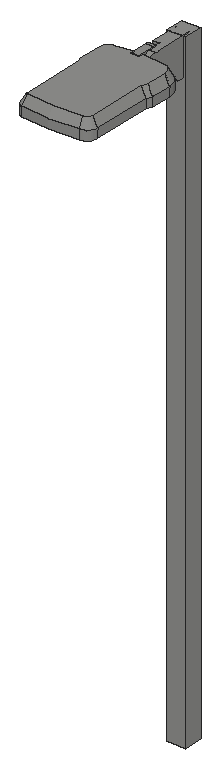
Revit family "VP-2-AAU", category Lighting Fixtures, host Face, Revit 2019
Family settings
  Host = Face
  Round Connector Dimension = Use Diameter
  Part Type = Normal
  OmniClass Number = 23.80.70.11.14.17
  OmniClass Title = Direct/Indirect
  Cut with Voids When Loaded = No
  Light Source = No
  Shared = Yes
  Room Calculation Point = No
Parameters (values of type "VP-2-AAU")
  Wattage Comments = "168 W"
  Warranty = "Five year warranty"  # constant formula
  Voltage = 120 V
  URL = "https://www.currentlighting.com/beacon"
  Type Comments = "Lighting Fixture"  # constant formula
  Product Page URL = "https://www.currentlighting.com/outdoor-lighting/viper-area-size-2/9606404"
  Product Documentation Link = "https://cdn.currentlighting.com/site/specsheet/BEA_VIPERSPEC.pdf"
  Power Factor = 0.9
  Pole Height [instance] = 120.00"
  Name = "Viper Area Size 2"  # constant formula
  Model = "VP-2-AAU"
  Matt Grey = MATT GREY
  Matt Black = Matt Black
  Manufacturer = "Current Lighting"  # constant formula
  Load Classification = Lighting
  Light Output = 12704.00 cd/m²
  Lamp = "LED"  # constant formula
  Grey = Grey
  Glass = Glass
  Pole Size [instance] = 3.50"
  Features = "Featuring two different optical technologies, Micro Strike and Strike Optics, which provide the best distribution patterns for retrofit or new construction\r\nVibration rated for high vibration applications including bridges and overpasses\r\nControl options including photo control, occupancy sensing, NX Lighting Controls, wiSCAPE and 7-Pin with networked controls\r\nMounting options include: Arm, Universal Arm, Adjustable Arm, Mast Arm, Decorative Arm, Knuckle, Trunnion, Wall\r\nDistribution options include: Auto Front Row, Type 2, Type 3, Type 4 Forward, Type 4 Wide, Type 5 Narrow, Type 5 Medium, Type 5 Wide, Type 5 Rectangular, Corner Optic, and Tennis Court\r\n\r\n"  # constant formula
  Copyright = "© 2022 Current Lighting"  # constant formula
  Cool Grey = Cool Grey
  Contact Us = "https://www.currentlighting.com/contact-us"
  Certification = "UL"  # constant formula
  Description = "The Viper is an extremely versatile area/site luminaire which blends design, performance, and technology for a variety of applications."  # constant formula
  Default Elevation = 48.00"
  Finish = Arctic White
  Matt White = Matt White
  CRI = "70"  # constant formula
  Brand = "Beacon"  # constant formula
  Assembly Code = "D5020200"
  Apparent Load = 168 VA
Reference planes (in)
  plane 1 "Center (Front/Back)": y = 6.16697
  plane 2: z = 0
  plane 3 "Center (Left/Right)": x = 0
  plane 4: z = 3.75
  plane 5: z = -4.44
  plane 6: x = -1.75
  plane 7: x = 1.75
  plane 8: y = 4.41697
  plane 9: y = 7.91697
  plane 10: z = 120
Forms (in)
  Extrusion 1, solid, material "Cool Grey" <- "Cool Grey"
    sketch origin (0, 0, 0) x (1, 0, 0) y (0, 1, 0)
      loop
        line (-1.75, 7.91697) -> (-1.75, 4.41697) -> (1.75, 4.41697) -> (1.75, 7.91697) -> (-1.75, 7.91697)
    from 0 to 120
Lines and regions (in)
  reference lines
    curve 1: line (0, 14.42606, -3.25) -> (0, 17.42606, -0.25)
    curve 2: line (0, -2.09213, -3.25) -> (0, 14.42606, -3.25)
    curve 3: line (0, -5.09213, -0.25) -> (0, -2.09213, -3.25)
    curve 4: line (0, 14.42606, -3.25) -> (0, 17.42606, -0.25)
    curve 5: line (0, -5.09213, -0.25) -> (0, 17.42606, -0.25)
    curve 6: line (0, 17.17606, -0.77432) -> (0, 17.92606, -0.77432)
    curve 7: line (0, 17.17606, -1.52432) -> (0, 17.17606, -0.77432)
    curve 8: line (0, 16.69614, -1.52432) -> (0, 17.17606, -1.52432)
    curve 9: line (0, 14.92606, -4.25) -> (0, 16.69614, -1.52432)
    curve 10: line (0, -4.3622, -1.52432) -> (0, -2.59213, -4.25)
    curve 11: line (0, -4.84213, -1.52432) -> (0, -4.3622, -1.52432)
    curve 12: line (0, -4.84213, -0.77432) -> (0, -4.84213, -1.52432)
    curve 13: line (0, -5.59213, -0.77432) -> (0, -4.84213, -0.77432)
Dimensions and locks (in)
  plane 4 to plane 2 = 3.75"
  "Pole Size": plane 8 to plane 9
  equal spacing: plane 8, plane 1 "Center (Front/Back)", plane 9
  equal spacing: plane 6, plane 3 "Center (Left/Right)", plane 7
  "Pole Size": plane 6 to plane 7
  "Pole Height": plane 10 to plane 2
  aligned and locked: plane 2 to host face
  aligned and locked: level to host face
  aligned and locked: plane 10 to Extrusion 1
  aligned and locked: plane 3 "Center (Left/Right)" to nested 1
  aligned and locked: plane 9 to Extrusion 1 sketch curve
  aligned and locked: plane 6 to Extrusion 1 sketch curve
  aligned and locked: Extrusion 1 sketch curve to plane 8
  aligned and locked: Extrusion 1 sketch curve to plane 7
  aligned and locked: nested 1 to plane 10
Automatic sketch dimensions
  host sketch curve to host sketch curve = 96.00"
  host sketch curve to host sketch curve = 85.00"
  curve 3 to level = 0.25"
  plane 8 to curve 3 = 9.50909"
  curve 3 to curve 12 = 0.25"
  curve 11 to curve 11 = 0.47992"
  curve 2 to plane 5 = 1.19"
  curve 10 to curve 2 = 2.27008"
  curve 1 to plane 9 = 6.50909"
  curve 9 to level = 1.52432"
  curve 1 to curve 9 = 2.27008"
  curve 8 to curve 8 = 0.47992"
  curve 6 to curve 4 = 0.25"
  curve 10 to curve 3 = 1.27432"
  curve 7 to curve 1 = 0.52432"
  curve 12 to curve 3 = 0.52432"
  curve 13 to curve 3 = 0.50"
  curve 10 to plane 5 = 0.19"
  curve 10 to curve 2 = 0.50"
  curve 9 to plane 5 = 0.19"
  curve 1 to curve 9 = 0.50"
  curve 1 to curve 6 = 0.50"
Nested families (in)
  nested 1: "SIZE2-AAU" at (0, 4.41697, 118.26) x (1, 0, 0) z (0, -1, 0), type "SIZE2-AAU"
Connectors (in)
  electrical at (0, 6.16697, 0), driven by "Power Factor", driven by "Apparent Load", driven by "Voltage"
    settings: on Extrusion 1, index 1, voltage 120 V, apparent load 168 VA, apparent load phase1 0 VA, apparent load phase2 0 VA, apparent load phase3 0 VA, power factor 0.9, load classification "Other", number of poles 1, system type 30, power factor state 1, is connector primary yes, connector utility no, sub classification motor no, connector description "Light Fixture"
Definition of nested family "SIZE2-AAU"
  Parameters (values of type "SIZE2-AAU")
    Width = 14.38"
    Wattage = 168 W
    built-in parameter 1150110 = 1 (stored number, unit not read)
    built-in parameter 1114217 = 1 (stored number, unit not read)
    Tilt Angle = 160.00°
    built-in parameter 1150109 = 1 (stored number, unit not read)
    built-in parameter 1150134 = 3
    built-in parameter 1150113 = 1 (stored number, unit not read)
    Photometric Web File = "VP-2-320L-170-3K7-4-BC.ies"
    Mount Length = 7.50"
    built-in parameter 1150105 = 1016 (stored number, unit not read)
    Lumens = 12768 lm
    built-in parameter 1150115 = 1 (stored number, unit not read)
    built-in parameter 1150137 = (empty or 0)
    built-in parameter 1150139 = (empty or 0)
    Length = 21.88"
    built-in parameter 1150112 = 1 (stored number, unit not read)
    built-in parameter 1150114 = 1 (stored number, unit not read)
    built-in parameter 1150132 = (empty or 0)
    built-in parameter 1150102 = (empty or 0)
    built-in parameter 1150107 = 3200 (stored number, unit not read)
    built-in parameter 1150138 = (empty or 0)
    built-in parameter 1150106 = 10.16 (stored number, unit not read)
    Glass = none
    Fixture = none
    built-in parameter 1150104 = 7.0606 (stored number, unit not read)
    Dimming Lamp Color Temperature Shift = (empty or 0)
    Default Elevation = 48.00"
    Color Filter = 16777215
    built-in parameter 1114218 = 1 (stored number, unit not read)
    built-in parameter 1150133 = 10 (stored number, unit not read)
  Reference planes (in)
    plane 1 "Center (Front/Back)": y = 0
    plane 2: z = 0
    plane 3 "Center (Left/Right)": x = 0
    plane 4: x = 7.19
    plane 5: x = -7.19
    plane 6: z = 7.5
    plane 7: z = 29.38
    plane 8: y = -1.74
    plane 9: y = 1.74
  Forms (in)
    Extrusion 1, solid
      sketch origin (0, 0, 0) x (1, 0, 0) y (0, 1, 0)
        loop
          line (-48, 48) -> (-48, -48) -> (48, -48) -> (48, 48) -> (-48, 48)
      from 0 to -12
    Extrusion 2, solid, material <- "Fixture"
      sketch origin (0, 0, 2.5) x (1, 0, 0) y (0, 0, 1)
        loop
          line (-6.90972, 13.22202) -> (-7.315, 12.17799) -> (-7.315, 8.14521)
          arc (-7.315, 8.14521) -> (-6.65907, 6.18733) -> (-4.95604, 5.01974) r 3.25
          arc (-4.95604, 5.01974) -> (0, 4.60164) -> (4.95604, 5.01974) r 29.58274
          arc (4.95604, 5.01974) -> (6.65907, 6.18733) -> (7.315, 8.14521) r 3.25
          line (7.315, 8.14521) -> (7.315, 12.17799) -> (6.8775, 13.30502) -> (6.8775, 24.46879)
          arc (6.8775, 24.46879) -> (6.31653, 25.85775) -> (4.9483, 26.46754) r 2
          arc (4.9483, 26.46754) -> (-0.47287, 26.80918) -> (-5.88692, 26.36884) r 37.73107
          arc (-5.88692, 26.36884) -> (-6.62058, 25.93919) -> (-6.90972, 25.13966) r 1.25
          line (-6.90972, 25.13966) -> (-6.90972, 13.22202)
      from 0 to 1.74
    Extrusion 3, void
      sketch origin (0, 0, 3.625) x (1, 0, 0) y (0, 0, 1)
        loop
          line (-5.94707, 9.88637) -> (-5.94707, 8.88637)
          arc (-5.94707, 8.88637) -> (-0.00354, 7.88584) -> (5.94, 8.88637) r 18.15382
          line (5.94, 8.88637) -> (5.94, 9.88637)
          arc (5.94, 9.88637) -> (-0.00354, 8.88584) -> (-5.94707, 9.88637) r 18.15382
        loop
          line (-5.85535, 7.87828) -> (-5.85535, 7.60486)
          arc (-5.85535, 7.60486) -> (0.0002, 6.63584) -> (5.85535, 7.60727) r 18.15382
          line (5.85535, 7.60727) -> (5.85535, 7.88068)
          arc (5.85535, 7.88068) -> (0.0002, 6.91466) -> (-5.85535, 7.87828) r 18.25
        loop
          line (-5.85535, 7.12828) -> (-5.85535, 6.85486)
          arc (-5.85535, 6.85486) -> (0.0002, 5.88584) -> (5.85535, 6.85727) r 18.15382
          line (5.85535, 6.85727) -> (5.85535, 7.13068)
          arc (5.85535, 7.13068) -> (0.0002, 6.16466) -> (-5.85535, 7.12828) r 18.25
      from 1 to 1.75
    Blend 4, solid, material <- "Fixture"
      base sketch origin (0, 0, 2.5) x (1, 0, 0) y (0, 0, 1)
        loop
          arc (6.8775, 24.46879) -> (6.31653, 25.85775) -> (4.9483, 26.46754) r 2
          arc (4.9483, 26.46754) -> (-0.47287, 26.80918) -> (-5.88692, 26.36884) r 37.73107
          arc (-5.88692, 26.36884) -> (-6.62058, 25.93919) -> (-6.90972, 25.13966) r 1.25
          line (-6.90972, 25.13966) -> (-6.90972, 13.22202) -> (-7.315, 12.17799) -> (-7.315, 8.14521)
          arc (-7.315, 8.14521) -> (-6.65907, 6.18733) -> (-4.95604, 5.01974) r 3.25
          arc (-4.95604, 5.01974) -> (0, 4.60164) -> (4.95604, 5.01974) r 29.58274
          arc (4.95604, 5.01974) -> (6.65907, 6.18733) -> (7.315, 8.14521) r 3.25
          line (7.315, 8.14521) -> (7.315, 12.17799) -> (6.8775, 13.30502) -> (6.8775, 24.46879)
      top sketch origin (0, 0, 2.5) x (1, 0, 0) y (0, 0, 1)
        loop
          arc (5.8775, 24.46879) -> (5.58249, 25.17801) -> (4.87152, 25.46878) r 1
          arc (4.87152, 25.46878) -> (-0.42416, 25.80959) -> (-5.71369, 25.38377) r 36.73111
          arc (-5.71369, 25.38377) -> (-5.85465, 25.2962) -> (-5.90972, 25.13966) r 0.25
          line (-5.90972, 25.13966) -> (-5.90972, 13.03474) -> (-6.315, 11.99071) -> (-6.315, 8.14521)
          arc (-6.315, 8.14521) -> (-5.87115, 6.80345) -> (-4.71471, 5.99106) r 2.25
          arc (-4.71471, 5.99106) -> (0, 5.59956) -> (4.71471, 5.99106) r 28.58482
          arc (4.71471, 5.99106) -> (5.87115, 6.80345) -> (6.315, 8.14521) r 2.25
          line (6.315, 8.14521) -> (6.315, 11.99071) -> (5.8775, 13.11774) -> (5.8775, 24.46879)
      from 0 to -1.74
    Extrusion 5, void
      sketch origin (0, 0, 2.5) x (1, 0, 0) y (0, 0, 1)
        loop
          arc (-5.91108, 12.63948) -> (0.07704, 12.98149) -> (6.065, 12.63674) r 52.38328
          line (6.065, 12.63674) -> (6.065, 24.56182) -> (-5.91108, 24.56182) -> (-5.91108, 12.63948)
      from 1 to 1.75
    Extrusion 6, solid, material <- "Glass"
      sketch origin (0, 0, 2.25) x (1, 0, 0) y (0, 0, 1)
        loop
          arc (-5.06487, 24.56182) -> (-5.31236, 24.45931) -> (-5.41487, 24.21182) r 0.35
          line (-5.41487, 24.21182) -> (-5.41487, 19.16182)
          arc (-5.41487, 19.16182) -> (-5.31236, 18.91434) -> (-5.06487, 18.81182) r 0.35
          line (-5.06487, 18.81182) -> (5.11803, 18.81182)
          arc (5.11803, 18.81182) -> (5.36552, 18.91434) -> (5.46803, 19.16182) r 0.35
          line (5.46803, 19.16182) -> (5.46803, 24.21182)
          arc (5.46803, 24.21182) -> (5.36552, 24.45931) -> (5.11803, 24.56182) r 0.35
          line (5.11803, 24.56182) -> (-5.06487, 24.56182)
      from 1 to 1.35
    Extrusion 7, solid, material <- "Glass"
      sketch origin (0, 0, 2.25) x (1, 0, 0) y (0, 0, 1)
        loop
          circle (-4.85829, 23.73694) r 0.15
        loop
          circle (-4.33955, 23.73694) r 0.15
        loop
          circle (-3.8208, 23.73694) r 0.15
        loop
          circle (-3.30205, 23.73694) r 0.15
        loop
          circle (-2.7833, 23.73694) r 0.15
        loop
          circle (-2.26455, 23.73694) r 0.15
        loop
          circle (-1.7458, 23.73694) r 0.15
        loop
          circle (-1.22705, 23.73694) r 0.15
        loop
          circle (-0.70831, 23.73694) r 0.15
        loop
          circle (-4.85829, 23.23694) r 0.15
        loop
          circle (-4.33955, 23.23694) r 0.15
        loop
          circle (-3.8208, 23.23694) r 0.15
        loop
          circle (-3.30205, 23.23694) r 0.15
        loop
          circle (-2.7833, 23.23694) r 0.15
        loop
          circle (-2.26455, 23.23694) r 0.15
        loop
          circle (-1.7458, 23.23694) r 0.15
        loop
          circle (-1.22705, 23.23694) r 0.15
        loop
          circle (-0.70831, 23.23694) r 0.15
        loop
          circle (-4.85829, 22.73694) r 0.15
        loop
          circle (-4.33955, 22.73694) r 0.15
        loop
          circle (-3.8208, 22.73694) r 0.15
        loop
          circle (-3.30205, 22.73694) r 0.15
        loop
          circle (-2.7833, 22.73694) r 0.15
        loop
          circle (-2.26455, 22.73694) r 0.15
        loop
          circle (-1.7458, 22.73694) r 0.15
        loop
          circle (-1.22705, 22.73694) r 0.15
        loop
          circle (-0.70831, 22.73694) r 0.15
        loop
          circle (-4.85829, 22.23694) r 0.15
        loop
          circle (-4.33955, 22.23694) r 0.15
        loop
          circle (-3.8208, 22.23694) r 0.15
        loop
          circle (-3.30205, 22.23694) r 0.15
        loop
          circle (-2.7833, 22.23694) r 0.15
        loop
          circle (-2.26455, 22.23694) r 0.15
        loop
          circle (-1.7458, 22.23694) r 0.15
        loop
          circle (-1.22705, 22.23694) r 0.15
        loop
          circle (-0.70831, 22.23694) r 0.15
        loop
          circle (-4.85829, 21.73694) r 0.15
        loop
          circle (-4.33955, 21.73694) r 0.15
        loop
          circle (-3.8208, 21.73694) r 0.15
        loop
          circle (-3.30205, 21.73694) r 0.15
        loop
          circle (-2.7833, 21.73694) r 0.15
        loop
          circle (-2.26455, 21.73694) r 0.15
        loop
          circle (-1.7458, 21.73694) r 0.15
        loop
          circle (-1.22705, 21.73694) r 0.15
        loop
          circle (-0.70831, 21.73694) r 0.15
        loop
          circle (-4.85829, 21.23694) r 0.15
        loop
          circle (-4.33955, 21.23694) r 0.15
        loop
          circle (-3.8208, 21.23694) r 0.15
        loop
          circle (-3.30205, 21.23694) r 0.15
        loop
          circle (-2.7833, 21.23694) r 0.15
        loop
          circle (-2.26455, 21.23694) r 0.15
        loop
          circle (-1.7458, 21.23694) r 0.15
        loop
          circle (-1.22705, 21.23694) r 0.15
        loop
          circle (-0.70831, 21.23694) r 0.15
        loop
          circle (-4.85829, 20.73694) r 0.15
        loop
          circle (-4.33955, 20.73694) r 0.15
        loop
          circle (-3.8208, 20.73694) r 0.15
        loop
          circle (-3.30205, 20.73694) r 0.15
        loop
          circle (-2.7833, 20.73694) r 0.15
        loop
          circle (-2.26455, 20.73694) r 0.15
        loop
          circle (-1.7458, 20.73694) r 0.15
        loop
          circle (-1.22705, 20.73694) r 0.15
        loop
          circle (-0.70831, 20.73694) r 0.15
        loop
          circle (-4.85829, 20.23694) r 0.15
        loop
          circle (-4.33955, 20.23694) r 0.15
        loop
          circle (-3.8208, 20.23694) r 0.15
        loop
          circle (-3.30205, 20.23694) r 0.15
        loop
          circle (-2.7833, 20.23694) r 0.15
        loop
          circle (-2.26455, 20.23694) r 0.15
        loop
          circle (-1.7458, 20.23694) r 0.15
        loop
          circle (-1.22705, 20.23694) r 0.15
        loop
          circle (-0.70831, 20.23694) r 0.15
        loop
          circle (-4.85829, 19.73694) r 0.15
        loop
          circle (-4.33955, 19.73694) r 0.15
        loop
          circle (-3.8208, 19.73694) r 0.15
        loop
          circle (-3.30205, 19.73694) r 0.15
        loop
          circle (-2.7833, 19.73694) r 0.15
        loop
          circle (-2.26455, 19.73694) r 0.15
        loop
          circle (-1.7458, 19.73694) r 0.15
        loop
          circle (-1.22705, 19.73694) r 0.15
        loop
          circle (-0.70831, 19.73694) r 0.15
      from 1.35 to 1.4
    Extrusion 8, solid, material <- "Glass"
      sketch origin (0, 0, 2.25) x (-1, 0, 0) y (0, 0, -1)
        loop
          circle (-4.85829, -23.73694) r 0.15
        loop
          circle (-4.33955, -23.73694) r 0.15
        loop
          circle (-3.8208, -23.73694) r 0.15
        loop
          circle (-3.30205, -23.73694) r 0.15
        loop
          circle (-2.7833, -23.73694) r 0.15
        loop
          circle (-2.26455, -23.73694) r 0.15
        loop
          circle (-1.7458, -23.73694) r 0.15
        loop
          circle (-1.22705, -23.73694) r 0.15
        loop
          circle (-0.70831, -23.73694) r 0.15
        loop
          circle (-4.85829, -23.23694) r 0.15
        loop
          circle (-4.33955, -23.23694) r 0.15
        loop
          circle (-3.8208, -23.23694) r 0.15
        loop
          circle (-3.30205, -23.23694) r 0.15
        loop
          circle (-2.7833, -23.23694) r 0.15
        loop
          circle (-2.26455, -23.23694) r 0.15
        loop
          circle (-1.7458, -23.23694) r 0.15
        loop
          circle (-1.22705, -23.23694) r 0.15
        loop
          circle (-0.70831, -23.23694) r 0.15
        loop
          circle (-4.85829, -22.73694) r 0.15
        loop
          circle (-4.33955, -22.73694) r 0.15
        loop
          circle (-3.8208, -22.73694) r 0.15
        loop
          circle (-3.30205, -22.73694) r 0.15
        loop
          circle (-2.7833, -22.73694) r 0.15
        loop
          circle (-2.26455, -22.73694) r 0.15
        loop
          circle (-1.7458, -22.73694) r 0.15
        loop
          circle (-1.22705, -22.73694) r 0.15
        loop
          circle (-0.70831, -22.73694) r 0.15
        loop
          circle (-4.85829, -22.23694) r 0.15
        loop
          circle (-4.33955, -22.23694) r 0.15
        loop
          circle (-3.8208, -22.23694) r 0.15
        loop
          circle (-3.30205, -22.23694) r 0.15
        loop
          circle (-2.7833, -22.23694) r 0.15
        loop
          circle (-2.26455, -22.23694) r 0.15
        loop
          circle (-1.7458, -22.23694) r 0.15
        loop
          circle (-1.22705, -22.23694) r 0.15
        loop
          circle (-0.70831, -22.23694) r 0.15
        loop
          circle (-4.85829, -21.73694) r 0.15
        loop
          circle (-4.33955, -21.73694) r 0.15
        loop
          circle (-3.8208, -21.73694) r 0.15
        loop
          circle (-3.30205, -21.73694) r 0.15
        loop
          circle (-2.7833, -21.73694) r 0.15
        loop
          circle (-2.26455, -21.73694) r 0.15
        loop
          circle (-1.7458, -21.73694) r 0.15
        loop
          circle (-1.22705, -21.73694) r 0.15
        loop
          circle (-0.70831, -21.73694) r 0.15
        loop
          circle (-4.85829, -21.23694) r 0.15
        loop
          circle (-4.33955, -21.23694) r 0.15
        loop
          circle (-3.8208, -21.23694) r 0.15
        loop
          circle (-3.30205, -21.23694) r 0.15
        loop
          circle (-2.7833, -21.23694) r 0.15
        loop
          circle (-2.26455, -21.23694) r 0.15
        loop
          circle (-1.7458, -21.23694) r 0.15
        loop
          circle (-1.22705, -21.23694) r 0.15
        loop
          circle (-0.70831, -21.23694) r 0.15
        loop
          circle (-4.85829, -20.73694) r 0.15
        loop
          circle (-4.33955, -20.73694) r 0.15
        loop
          circle (-3.8208, -20.73694) r 0.15
        loop
          circle (-3.30205, -20.73694) r 0.15
        loop
          circle (-2.7833, -20.73694) r 0.15
        loop
          circle (-2.26455, -20.73694) r 0.15
        loop
          circle (-1.7458, -20.73694) r 0.15
        loop
          circle (-1.22705, -20.73694) r 0.15
        loop
          circle (-0.70831, -20.73694) r 0.15
        loop
          circle (-4.85829, -20.23694) r 0.15
        loop
          circle (-4.33955, -20.23694) r 0.15
        loop
          circle (-3.8208, -20.23694) r 0.15
        loop
          circle (-3.30205, -20.23694) r 0.15
        loop
          circle (-2.7833, -20.23694) r 0.15
        loop
          circle (-2.26455, -20.23694) r 0.15
        loop
          circle (-1.7458, -20.23694) r 0.15
        loop
          circle (-1.22705, -20.23694) r 0.15
        loop
          circle (-0.70831, -20.23694) r 0.15
        loop
          circle (-4.85829, -19.73694) r 0.15
        loop
          circle (-4.33955, -19.73694) r 0.15
        loop
          circle (-3.8208, -19.73694) r 0.15
        loop
          circle (-3.30205, -19.73694) r 0.15
        loop
          circle (-2.7833, -19.73694) r 0.15
        loop
          circle (-2.26455, -19.73694) r 0.15
        loop
          circle (-1.7458, -19.73694) r 0.15
        loop
          circle (-1.22705, -19.73694) r 0.15
        loop
          circle (-0.70831, -19.73694) r 0.15
      from 1.35 to 1.4
    Extrusion 9, solid, material <- "Glass"
      sketch origin (0, 0, 2.25) x (1, 0, 0) y (0, 0, 1)
        loop
          arc (-5.04655, 24.2409) -> (-5.22333, 24.16768) -> (-5.29655, 23.9909) r 0.25
          line (-5.29655, 23.9909) -> (-5.29655, 19.4909)
          arc (-5.29655, 19.4909) -> (-5.22333, 19.31412) -> (-5.04655, 19.2409) r 0.25
          line (-5.04655, 19.2409) -> (-0.54655, 19.2409)
          arc (-0.54655, 19.2409) -> (-0.36977, 19.31412) -> (-0.29655, 19.4909) r 0.25
          line (-0.29655, 19.4909) -> (-0.29655, 23.9909)
          arc (-0.29655, 23.9909) -> (-0.36977, 24.16768) -> (-0.54655, 24.2409) r 0.25
          line (-0.54655, 24.2409) -> (-5.04655, 24.2409)
      from 1.35 to 1.37213
    Extrusion 10, solid, material <- "Glass"
      sketch origin (0, 0, 2.25) x (-1, 0, 0) y (0, 0, -1)
        loop
          line (-5.04655, -24.2409) -> (-0.54655, -24.2409)
          arc (-0.54655, -24.2409) -> (-0.36977, -24.16768) -> (-0.29655, -23.9909) r 0.25
          line (-0.29655, -23.9909) -> (-0.29655, -19.4909)
          arc (-0.29655, -19.4909) -> (-0.36977, -19.31412) -> (-0.54655, -19.2409) r 0.25
          line (-0.54655, -19.2409) -> (-5.04655, -19.2409)
          arc (-5.04655, -19.2409) -> (-5.22333, -19.31412) -> (-5.29655, -19.4909) r 0.25
          line (-5.29655, -19.4909) -> (-5.29655, -23.9909)
          arc (-5.29655, -23.9909) -> (-5.22333, -24.16768) -> (-5.04655, -24.2409) r 0.25
      from 1.35 to 1.37213
    Extrusion 11, solid, material <- "Fixture"
      sketch origin (0.125, 0, 2.125) x (1, 0, 0) y (0, 1, 0)
        loop
          line (5.34818, -1) -> (5.34818, -1.20146)
          arc (5.34818, -1.20146) -> (5.35492, -1.23973) -> (5.37436, -1.27339) r 0.1119
          line (5.37436, -1.27339) -> (5.73492, -1.70309)
          arc (5.73492, -1.70309) -> (5.76289, -1.72455) -> (5.79732, -1.73219) r 0.08147
          line (5.79732, -1.73219) -> (5.94, -1.73219) -> (5.94, -1) -> (5.34818, -1)
      from 18.55 to 18.65
    Extrusion 12, solid, material <- "Fixture"
      sketch origin (0.125, 0, 1.22261) x (1, 0, 0) y (0, 1, 0)
        loop
          line (5.34818, -1) -> (5.34818, -1.20146)
          arc (5.34818, -1.20146) -> (5.35492, -1.23973) -> (5.37436, -1.27339) r 0.1119
          line (5.37436, -1.27339) -> (5.73492, -1.70309)
          arc (5.73492, -1.70309) -> (5.76289, -1.72455) -> (5.79732, -1.73219) r 0.08147
          line (5.79732, -1.73219) -> (5.94, -1.73219) -> (5.94, -1) -> (5.34818, -1)
      from 18.55 to 18.65
    Extrusion 13, solid, material <- "Fixture"
      sketch origin (0.125, 0, 0.33079) x (1, 0, 0) y (0, 1, 0)
        loop
          line (5.34818, -1) -> (5.34818, -1.20146)
          arc (5.34818, -1.20146) -> (5.35492, -1.23973) -> (5.37436, -1.27339) r 0.1119
          line (5.37436, -1.27339) -> (5.73492, -1.70309)
          arc (5.73492, -1.70309) -> (5.76289, -1.72455) -> (5.79732, -1.73219) r 0.08147
          line (5.79732, -1.73219) -> (5.94, -1.73219) -> (5.94, -1) -> (5.34818, -1)
      from 18.55 to 18.65
    Extrusion 14, solid, material <- "Fixture"
      sketch origin (0.125, 0, -0.56103) x (1, 0, 0) y (0, 1, 0)
        loop
          line (5.34818, -1) -> (5.34818, -1.20146)
          arc (5.34818, -1.20146) -> (5.35492, -1.23973) -> (5.37436, -1.27339) r 0.1119
          line (5.37436, -1.27339) -> (5.73492, -1.70309)
          arc (5.73492, -1.70309) -> (5.76289, -1.72455) -> (5.79732, -1.73219) r 0.08147
          line (5.79732, -1.73219) -> (5.94, -1.73219) -> (5.94, -1) -> (5.34818, -1)
      from 18.55 to 18.65
    Extrusion 15, solid, material <- "Fixture"
      sketch origin (0.125, 0, -1.45181) x (1, 0, 0) y (0, 1, 0)
        loop
          line (5.34818, -1) -> (5.34818, -1.20146)
          arc (5.34818, -1.20146) -> (5.35492, -1.23973) -> (5.37436, -1.27339) r 0.1119
          line (5.37436, -1.27339) -> (5.73492, -1.70309)
          arc (5.73492, -1.70309) -> (5.76289, -1.72455) -> (5.79732, -1.73219) r 0.08147
          line (5.79732, -1.73219) -> (5.94, -1.73219) -> (5.94, -1) -> (5.34818, -1)
      from 18.55 to 18.65
    Extrusion 16, solid, material <- "Fixture"
      sketch origin (-0.125, 0, 2.125) x (-1, 0, 0) y (0, -1, 0)
        loop
          line (5.34818, 1) -> (5.94, 1) -> (5.94, 1.73219) -> (5.79732, 1.73219)
          arc (5.79732, 1.73219) -> (5.76289, 1.72455) -> (5.73492, 1.70309) r 0.08147
          line (5.73492, 1.70309) -> (5.37436, 1.27339)
          arc (5.37436, 1.27339) -> (5.35492, 1.23973) -> (5.34818, 1.20146) r 0.1119
          line (5.34818, 1.20146) -> (5.34818, 1)
      from 18.55 to 18.65
    Extrusion 17, solid, material <- "Fixture"
      sketch origin (-0.125, 0, 1.22261) x (-1, 0, 0) y (0, -1, 0)
        loop
          line (5.34818, 1) -> (5.94, 1) -> (5.94, 1.73219) -> (5.79732, 1.73219)
          arc (5.79732, 1.73219) -> (5.76289, 1.72455) -> (5.73492, 1.70309) r 0.08147
          line (5.73492, 1.70309) -> (5.37436, 1.27339)
          arc (5.37436, 1.27339) -> (5.35492, 1.23973) -> (5.34818, 1.20146) r 0.1119
          line (5.34818, 1.20146) -> (5.34818, 1)
      from 18.55 to 18.65
    Extrusion 18, solid, material <- "Fixture"
      sketch origin (-0.125, 0, 0.33079) x (-1, 0, 0) y (0, -1, 0)
        loop
          line (5.34818, 1) -> (5.94, 1) -> (5.94, 1.73219) -> (5.79732, 1.73219)
          arc (5.79732, 1.73219) -> (5.76289, 1.72455) -> (5.73492, 1.70309) r 0.08147
          line (5.73492, 1.70309) -> (5.37436, 1.27339)
          arc (5.37436, 1.27339) -> (5.35492, 1.23973) -> (5.34818, 1.20146) r 0.1119
          line (5.34818, 1.20146) -> (5.34818, 1)
      from 18.55 to 18.65
    Extrusion 19, solid, material <- "Fixture"
      sketch origin (-0.125, 0, -0.56103) x (-1, 0, 0) y (0, -1, 0)
        loop
          line (5.34818, 1) -> (5.94, 1) -> (5.94, 1.73219) -> (5.79732, 1.73219)
          arc (5.79732, 1.73219) -> (5.76289, 1.72455) -> (5.73492, 1.70309) r 0.08147
          line (5.73492, 1.70309) -> (5.37436, 1.27339)
          arc (5.37436, 1.27339) -> (5.35492, 1.23973) -> (5.34818, 1.20146) r 0.1119
          line (5.34818, 1.20146) -> (5.34818, 1)
      from 18.55 to 18.65
    Extrusion 20, solid, material <- "Fixture"
      sketch origin (-0.125, 0, -1.45181) x (-1, 0, 0) y (0, -1, 0)
        loop
          line (5.34818, 1) -> (5.94, 1) -> (5.94, 1.73219) -> (5.79732, 1.73219)
          arc (5.79732, 1.73219) -> (5.76289, 1.72455) -> (5.73492, 1.70309) r 0.08147
          line (5.73492, 1.70309) -> (5.37436, 1.27339)
          arc (5.37436, 1.27339) -> (5.35492, 1.23973) -> (5.34818, 1.20146) r 0.1119
          line (5.34818, 1.20146) -> (5.34818, 1)
      from 18.55 to 18.65
    Extrusion 21, solid, material <- "Fixture"
      sketch origin (0.125, 0, 7.25) x (1, 0, 0) y (0, 1, 0)
        loop
          line (5.34818, -1) -> (5.34818, -1.20146)
          arc (5.34818, -1.20146) -> (5.35492, -1.23973) -> (5.37436, -1.27339) r 0.1119
          line (5.37436, -1.27339) -> (5.73492, -1.70309)
          arc (5.73492, -1.70309) -> (5.76289, -1.72455) -> (5.79732, -1.73219) r 0.08147
          line (5.79732, -1.73219) -> (5.94, -1.73219) -> (5.94, -1) -> (5.34818, -1)
      from 18.55 to 18.65
    Extrusion 22, solid, material <- "Fixture"
      sketch origin (0.125, 0, 6.34761) x (1, 0, 0) y (0, 1, 0)
        loop
          line (5.34818, -1) -> (5.34818, -1.20146)
          arc (5.34818, -1.20146) -> (5.35492, -1.23973) -> (5.37436, -1.27339) r 0.1119
          line (5.37436, -1.27339) -> (5.73492, -1.70309)
          arc (5.73492, -1.70309) -> (5.76289, -1.72455) -> (5.79732, -1.73219) r 0.08147
          line (5.79732, -1.73219) -> (5.94, -1.73219) -> (5.94, -1) -> (5.34818, -1)
      from 18.55 to 18.65
    Extrusion 23, solid, material <- "Fixture"
      sketch origin (0.125, 0, 5.45579) x (1, 0, 0) y (0, 1, 0)
        loop
          line (5.34818, -1) -> (5.34818, -1.20146)
          arc (5.34818, -1.20146) -> (5.35492, -1.23973) -> (5.37436, -1.27339) r 0.1119
          line (5.37436, -1.27339) -> (5.73492, -1.70309)
          arc (5.73492, -1.70309) -> (5.76289, -1.72455) -> (5.79732, -1.73219) r 0.08147
          line (5.79732, -1.73219) -> (5.94, -1.73219) -> (5.94, -1) -> (5.34818, -1)
      from 18.55 to 18.65
    Extrusion 24, solid, material <- "Fixture"
      sketch origin (0.125, 0, 4.56397) x (1, 0, 0) y (0, 1, 0)
        loop
          line (5.34818, -1) -> (5.34818, -1.20146)
          arc (5.34818, -1.20146) -> (5.35492, -1.23973) -> (5.37436, -1.27339) r 0.1119
          line (5.37436, -1.27339) -> (5.73492, -1.70309)
          arc (5.73492, -1.70309) -> (5.76289, -1.72455) -> (5.79732, -1.73219) r 0.08147
          line (5.79732, -1.73219) -> (5.94, -1.73219) -> (5.94, -1) -> (5.34818, -1)
      from 18.55 to 18.65
    Extrusion 25, solid, material <- "Fixture"
      sketch origin (0.125, 0, 3.67319) x (1, 0, 0) y (0, 1, 0)
        loop
          line (5.34818, -1) -> (5.34818, -1.20146)
          arc (5.34818, -1.20146) -> (5.35492, -1.23973) -> (5.37436, -1.27339) r 0.1119
          line (5.37436, -1.27339) -> (5.73492, -1.70309)
          arc (5.73492, -1.70309) -> (5.76289, -1.72455) -> (5.79732, -1.73219) r 0.08147
          line (5.79732, -1.73219) -> (5.94, -1.73219) -> (5.94, -1) -> (5.34818, -1)
      from 18.55 to 18.65
    Extrusion 26, solid, material <- "Fixture"
      sketch origin (-0.125, 0, 7.25) x (-1, 0, 0) y (0, -1, 0)
        loop
          line (5.34818, 1) -> (5.94, 1) -> (5.94, 1.73219) -> (5.79732, 1.73219)
          arc (5.79732, 1.73219) -> (5.76289, 1.72455) -> (5.73492, 1.70309) r 0.08147
          line (5.73492, 1.70309) -> (5.37436, 1.27339)
          arc (5.37436, 1.27339) -> (5.35492, 1.23973) -> (5.34818, 1.20146) r 0.1119
          line (5.34818, 1.20146) -> (5.34818, 1)
      from 18.55 to 18.65
    Extrusion 27, solid, material <- "Fixture"
      sketch origin (-0.125, 0, 6.34761) x (-1, 0, 0) y (0, -1, 0)
        loop
          line (5.34818, 1) -> (5.94, 1) -> (5.94, 1.73219) -> (5.79732, 1.73219)
          arc (5.79732, 1.73219) -> (5.76289, 1.72455) -> (5.73492, 1.70309) r 0.08147
          line (5.73492, 1.70309) -> (5.37436, 1.27339)
          arc (5.37436, 1.27339) -> (5.35492, 1.23973) -> (5.34818, 1.20146) r 0.1119
          line (5.34818, 1.20146) -> (5.34818, 1)
      from 18.55 to 18.65
    Extrusion 28, solid, material <- "Fixture"
      sketch origin (-0.125, 0, 5.45579) x (-1, 0, 0) y (0, -1, 0)
        loop
          line (5.34818, 1) -> (5.94, 1) -> (5.94, 1.73219) -> (5.79732, 1.73219)
          arc (5.79732, 1.73219) -> (5.76289, 1.72455) -> (5.73492, 1.70309) r 0.08147
          line (5.73492, 1.70309) -> (5.37436, 1.27339)
          arc (5.37436, 1.27339) -> (5.35492, 1.23973) -> (5.34818, 1.20146) r 0.1119
          line (5.34818, 1.20146) -> (5.34818, 1)
      from 18.55 to 18.65
    Extrusion 29, solid, material <- "Fixture"
      sketch origin (-0.125, 0, 4.56397) x (-1, 0, 0) y (0, -1, 0)
        loop
          line (5.34818, 1) -> (5.94, 1) -> (5.94, 1.73219) -> (5.79732, 1.73219)
          arc (5.79732, 1.73219) -> (5.76289, 1.72455) -> (5.73492, 1.70309) r 0.08147
          line (5.73492, 1.70309) -> (5.37436, 1.27339)
          arc (5.37436, 1.27339) -> (5.35492, 1.23973) -> (5.34818, 1.20146) r 0.1119
          line (5.34818, 1.20146) -> (5.34818, 1)
      from 18.55 to 18.65
    Extrusion 30, solid, material <- "Fixture"
      sketch origin (-0.125, 0, 3.67319) x (-1, 0, 0) y (0, -1, 0)
        loop
          line (5.34818, 1) -> (5.94, 1) -> (5.94, 1.73219) -> (5.79732, 1.73219)
          arc (5.79732, 1.73219) -> (5.76289, 1.72455) -> (5.73492, 1.70309) r 0.08147
          line (5.73492, 1.70309) -> (5.37436, 1.27339)
          arc (5.37436, 1.27339) -> (5.35492, 1.23973) -> (5.34818, 1.20146) r 0.1119
          line (5.34818, 1.20146) -> (5.34818, 1)
      from 18.55 to 18.65
    Extrusion 31, solid, material <- "Glass"
      sketch origin (0, 0, -3.5) x (1, 0, 0) y (0, 0, 1)
        loop
          arc (-5.06487, 24.56182) -> (-5.31236, 24.45931) -> (-5.41487, 24.21182) r 0.35
          line (-5.41487, 24.21182) -> (-5.41487, 19.16182)
          arc (-5.41487, 19.16182) -> (-5.31236, 18.91434) -> (-5.06487, 18.81182) r 0.35
          line (-5.06487, 18.81182) -> (5.11803, 18.81182)
          arc (5.11803, 18.81182) -> (5.36552, 18.91434) -> (5.46803, 19.16182) r 0.35
          line (5.46803, 19.16182) -> (5.46803, 24.21182)
          arc (5.46803, 24.21182) -> (5.36552, 24.45931) -> (5.11803, 24.56182) r 0.35
          line (5.11803, 24.56182) -> (-5.06487, 24.56182)
      from 1 to 1.35
    Extrusion 32, solid, material <- "Glass"
      sketch origin (0, 0, -3.5) x (1, 0, 0) y (0, 0, 1)
        loop
          circle (-4.85829, 23.73694) r 0.15
        loop
          circle (-4.33955, 23.73694) r 0.15
        loop
          circle (-3.8208, 23.73694) r 0.15
        loop
          circle (-3.30205, 23.73694) r 0.15
        loop
          circle (-2.7833, 23.73694) r 0.15
        loop
          circle (-2.26455, 23.73694) r 0.15
        loop
          circle (-1.7458, 23.73694) r 0.15
        loop
          circle (-1.22705, 23.73694) r 0.15
        loop
          circle (-0.70831, 23.73694) r 0.15
        loop
          circle (-4.85829, 23.23694) r 0.15
        loop
          circle (-4.33955, 23.23694) r 0.15
        loop
          circle (-3.8208, 23.23694) r 0.15
        loop
          circle (-3.30205, 23.23694) r 0.15
        loop
          circle (-2.7833, 23.23694) r 0.15
        loop
          circle (-2.26455, 23.23694) r 0.15
        loop
          circle (-1.7458, 23.23694) r 0.15
        loop
          circle (-1.22705, 23.23694) r 0.15
        loop
          circle (-0.70831, 23.23694) r 0.15
        loop
          circle (-4.85829, 22.73694) r 0.15
        loop
          circle (-4.33955, 22.73694) r 0.15
        loop
          circle (-3.8208, 22.73694) r 0.15
        loop
          circle (-3.30205, 22.73694) r 0.15
        loop
          circle (-2.7833, 22.73694) r 0.15
        loop
          circle (-2.26455, 22.73694) r 0.15
        loop
          circle (-1.7458, 22.73694) r 0.15
        loop
          circle (-1.22705, 22.73694) r 0.15
        loop
          circle (-0.70831, 22.73694) r 0.15
        loop
          circle (-4.85829, 22.23694) r 0.15
        loop
          circle (-4.33955, 22.23694) r 0.15
        loop
          circle (-3.8208, 22.23694) r 0.15
        loop
          circle (-3.30205, 22.23694) r 0.15
        loop
          circle (-2.7833, 22.23694) r 0.15
        loop
          circle (-2.26455, 22.23694) r 0.15
        loop
          circle (-1.7458, 22.23694) r 0.15
        loop
          circle (-1.22705, 22.23694) r 0.15
        loop
          circle (-0.70831, 22.23694) r 0.15
        loop
          circle (-4.85829, 21.73694) r 0.15
        loop
          circle (-4.33955, 21.73694) r 0.15
        loop
          circle (-3.8208, 21.73694) r 0.15
        loop
          circle (-3.30205, 21.73694) r 0.15
        loop
          circle (-2.7833, 21.73694) r 0.15
        loop
          circle (-2.26455, 21.73694) r 0.15
        loop
          circle (-1.7458, 21.73694) r 0.15
        loop
          circle (-1.22705, 21.73694) r 0.15
        loop
          circle (-0.70831, 21.73694) r 0.15
        loop
          circle (-4.85829, 21.23694) r 0.15
        loop
          circle (-4.33955, 21.23694) r 0.15
        loop
          circle (-3.8208, 21.23694) r 0.15
        loop
          circle (-3.30205, 21.23694) r 0.15
        loop
          circle (-2.7833, 21.23694) r 0.15
        loop
          circle (-2.26455, 21.23694) r 0.15
        loop
          circle (-1.7458, 21.23694) r 0.15
        loop
          circle (-1.22705, 21.23694) r 0.15
        loop
          circle (-0.70831, 21.23694) r 0.15
        loop
          circle (-4.85829, 20.73694) r 0.15
        loop
          circle (-4.33955, 20.73694) r 0.15
        loop
          circle (-3.8208, 20.73694) r 0.15
        loop
          circle (-3.30205, 20.73694) r 0.15
        loop
          circle (-2.7833, 20.73694) r 0.15
        loop
          circle (-2.26455, 20.73694) r 0.15
        loop
          circle (-1.7458, 20.73694) r 0.15
        loop
          circle (-1.22705, 20.73694) r 0.15
        loop
          circle (-0.70831, 20.73694) r 0.15
        loop
          circle (-4.85829, 20.23694) r 0.15
        loop
          circle (-4.33955, 20.23694) r 0.15
        loop
          circle (-3.8208, 20.23694) r 0.15
        loop
          circle (-3.30205, 20.23694) r 0.15
        loop
          circle (-2.7833, 20.23694) r 0.15
        loop
          circle (-2.26455, 20.23694) r 0.15
        loop
          circle (-1.7458, 20.23694) r 0.15
        loop
          circle (-1.22705, 20.23694) r 0.15
        loop
          circle (-0.70831, 20.23694) r 0.15
        loop
          circle (-4.85829, 19.73694) r 0.15
        loop
          circle (-4.33955, 19.73694) r 0.15
        loop
          circle (-3.8208, 19.73694) r 0.15
        loop
          circle (-3.30205, 19.73694) r 0.15
        loop
          circle (-2.7833, 19.73694) r 0.15
        loop
          circle (-2.26455, 19.73694) r 0.15
        loop
          circle (-1.7458, 19.73694) r 0.15
        loop
          circle (-1.22705, 19.73694) r 0.15
        loop
          circle (-0.70831, 19.73694) r 0.15
      from 1.35 to 1.4
    Extrusion 33, solid, material <- "Glass"
      sketch origin (0, 0, -3.5) x (-1, 0, 0) y (0, 0, -1)
        loop
          circle (-4.85829, -23.73694) r 0.15
        loop
          circle (-4.33955, -23.73694) r 0.15
        loop
          circle (-3.8208, -23.73694) r 0.15
        loop
          circle (-3.30205, -23.73694) r 0.15
        loop
          circle (-2.7833, -23.73694) r 0.15
        loop
          circle (-2.26455, -23.73694) r 0.15
        loop
          circle (-1.7458, -23.73694) r 0.15
        loop
          circle (-1.22705, -23.73694) r 0.15
        loop
          circle (-0.70831, -23.73694) r 0.15
        loop
          circle (-4.85829, -23.23694) r 0.15
        loop
          circle (-4.33955, -23.23694) r 0.15
        loop
          circle (-3.8208, -23.23694) r 0.15
        loop
          circle (-3.30205, -23.23694) r 0.15
        loop
          circle (-2.7833, -23.23694) r 0.15
        loop
          circle (-2.26455, -23.23694) r 0.15
        loop
          circle (-1.7458, -23.23694) r 0.15
        loop
          circle (-1.22705, -23.23694) r 0.15
        loop
          circle (-0.70831, -23.23694) r 0.15
        loop
          circle (-4.85829, -22.73694) r 0.15
        loop
          circle (-4.33955, -22.73694) r 0.15
        loop
          circle (-3.8208, -22.73694) r 0.15
        loop
          circle (-3.30205, -22.73694) r 0.15
        loop
          circle (-2.7833, -22.73694) r 0.15
        loop
          circle (-2.26455, -22.73694) r 0.15
        loop
          circle (-1.7458, -22.73694) r 0.15
        loop
          circle (-1.22705, -22.73694) r 0.15
        loop
          circle (-0.70831, -22.73694) r 0.15
        loop
          circle (-4.85829, -22.23694) r 0.15
        loop
          circle (-4.33955, -22.23694) r 0.15
        loop
          circle (-3.8208, -22.23694) r 0.15
        loop
          circle (-3.30205, -22.23694) r 0.15
        loop
          circle (-2.7833, -22.23694) r 0.15
        loop
          circle (-2.26455, -22.23694) r 0.15
        loop
          circle (-1.7458, -22.23694) r 0.15
        loop
          circle (-1.22705, -22.23694) r 0.15
        loop
          circle (-0.70831, -22.23694) r 0.15
        loop
          circle (-4.85829, -21.73694) r 0.15
        loop
          circle (-4.33955, -21.73694) r 0.15
        loop
          circle (-3.8208, -21.73694) r 0.15
        loop
          circle (-3.30205, -21.73694) r 0.15
        loop
          circle (-2.7833, -21.73694) r 0.15
        loop
          circle (-2.26455, -21.73694) r 0.15
        loop
          circle (-1.7458, -21.73694) r 0.15
        loop
          circle (-1.22705, -21.73694) r 0.15
        loop
          circle (-0.70831, -21.73694) r 0.15
        loop
          circle (-4.85829, -21.23694) r 0.15
        loop
          circle (-4.33955, -21.23694) r 0.15
        loop
          circle (-3.8208, -21.23694) r 0.15
        loop
          circle (-3.30205, -21.23694) r 0.15
        loop
          circle (-2.7833, -21.23694) r 0.15
        loop
          circle (-2.26455, -21.23694) r 0.15
        loop
          circle (-1.7458, -21.23694) r 0.15
        loop
          circle (-1.22705, -21.23694) r 0.15
        loop
          circle (-0.70831, -21.23694) r 0.15
        loop
          circle (-4.85829, -20.73694) r 0.15
        loop
          circle (-4.33955, -20.73694) r 0.15
        loop
          circle (-3.8208, -20.73694) r 0.15
        loop
          circle (-3.30205, -20.73694) r 0.15
        loop
          circle (-2.7833, -20.73694) r 0.15
        loop
          circle (-2.26455, -20.73694) r 0.15
        loop
          circle (-1.7458, -20.73694) r 0.15
        loop
          circle (-1.22705, -20.73694) r 0.15
        loop
          circle (-0.70831, -20.73694) r 0.15
        loop
          circle (-4.85829, -20.23694) r 0.15
        loop
          circle (-4.33955, -20.23694) r 0.15
        loop
          circle (-3.8208, -20.23694) r 0.15
        loop
          circle (-3.30205, -20.23694) r 0.15
        loop
          circle (-2.7833, -20.23694) r 0.15
        loop
          circle (-2.26455, -20.23694) r 0.15
        loop
          circle (-1.7458, -20.23694) r 0.15
        loop
          circle (-1.22705, -20.23694) r 0.15
        loop
          circle (-0.70831, -20.23694) r 0.15
        loop
          circle (-4.85829, -19.73694) r 0.15
        loop
          circle (-4.33955, -19.73694) r 0.15
        loop
          circle (-3.8208, -19.73694) r 0.15
        loop
          circle (-3.30205, -19.73694) r 0.15
        loop
          circle (-2.7833, -19.73694) r 0.15
        loop
          circle (-2.26455, -19.73694) r 0.15
        loop
          circle (-1.7458, -19.73694) r 0.15
        loop
          circle (-1.22705, -19.73694) r 0.15
        loop
          circle (-0.70831, -19.73694) r 0.15
      from 1.35 to 1.4
    Extrusion 34, solid, material <- "Glass"
      sketch origin (0, 0, -3.5) x (1, 0, 0) y (0, 0, 1)
        loop
          arc (-5.04655, 24.2409) -> (-5.22333, 24.16768) -> (-5.29655, 23.9909) r 0.25
          line (-5.29655, 23.9909) -> (-5.29655, 19.4909)
          arc (-5.29655, 19.4909) -> (-5.22333, 19.31412) -> (-5.04655, 19.2409) r 0.25
          line (-5.04655, 19.2409) -> (-0.54655, 19.2409)
          arc (-0.54655, 19.2409) -> (-0.36977, 19.31412) -> (-0.29655, 19.4909) r 0.25
          line (-0.29655, 19.4909) -> (-0.29655, 23.9909)
          arc (-0.29655, 23.9909) -> (-0.36977, 24.16768) -> (-0.54655, 24.2409) r 0.25
          line (-0.54655, 24.2409) -> (-5.04655, 24.2409)
      from 1.35 to 1.37213
    Extrusion 35, solid, material <- "Glass"
      sketch origin (0, 0, -3.5) x (-1, 0, 0) y (0, 0, -1)
        loop
          line (-5.04655, -24.2409) -> (-0.54655, -24.2409)
          arc (-0.54655, -24.2409) -> (-0.36977, -24.16768) -> (-0.29655, -23.9909) r 0.25
          line (-0.29655, -23.9909) -> (-0.29655, -19.4909)
          arc (-0.29655, -19.4909) -> (-0.36977, -19.31412) -> (-0.54655, -19.2409) r 0.25
          line (-0.54655, -19.2409) -> (-5.04655, -19.2409)
          arc (-5.04655, -19.2409) -> (-5.22333, -19.31412) -> (-5.29655, -19.4909) r 0.25
          line (-5.29655, -19.4909) -> (-5.29655, -23.9909)
          arc (-5.29655, -23.9909) -> (-5.22333, -24.16768) -> (-5.04655, -24.2409) r 0.25
      from 1.35 to 1.37213
    Extrusion 36, solid, material <- "Fixture"
      sketch origin (0, 0, 0) x (0, 1, 0) y (0, 0, 1)
        loop
          line (1.74, -1.406) -> (1.74, 6.43918)
          arc (1.74, 6.43918) -> (0, 8.17918) -> (-1.74, 6.43918) r 1.74
          line (-1.74, 6.43918) -> (-1.74, 3.90812) -> (-5.432, 1.12478) -> (-5.432, -1.406) -> (1.74, -1.406)
      from -1.24 to 1.24
    Extrusion 37, solid, material <- "Fixture"
      sketch origin (0, 0, 0) x (0, 1, 0) y (0, 0, 1)
        loop
          line (1.74, 8.81429) -> (-1.74, 8.81429) -> (-1.74, 5.31429)
          arc (-1.74, 5.31429) -> (0, 3.57429) -> (1.74, 5.31429) r 1.74
          line (1.74, 5.31429) -> (1.74, 8.81429)
      from -1.5 to 0
    Extrusion 38, void
      sketch origin (0, 0, 0) x (1, 0, 0) y (0, 0, 1)
        loop
          line (-1.5, 8.3) -> (-1.5, 3.90812) -> (0, 3.90812) -> (0, 8.3) -> (-1.5, 8.3)
      from -1.84653 to 1.9488
  Cuts and joins
    Extrusion 3, Extrusion 5, Extrusion 38 cuts Extrusion 2
    Extrusion 5, Extrusion 38 cuts Blend 4
    joined: Extrusion 2, Blend 4
    Extrusion 38 cuts Extrusion 36
  Dimensions and locks (in)
    equal spacing: plane 4, plane 3 "Center (Left/Right)", plane 5
    "Width": plane 4 to plane 5
    "Length": plane 7 to plane 6
    "Mount Length": plane 6 to plane 2
    aligned and locked: plane 2 to Extrusion 1
    aligned and locked: level to Extrusion 1
  Automatic sketch dimensions
    Extrusion 1 sketch curve to Extrusion 1 sketch curve = 96.00"  (x2)
    Extrusion 2 sketch curve to plane 3 "Center (Left/Right)" = 0.00"
    Extrusion 2 sketch curve to plane 3 "Center (Left/Right)" = 0.12919"
    plane 5 to Extrusion 2 sketch curve = 3.125"
    plane 5 to Extrusion 2 sketch curve = 1.53028"
    plane 5 to Extrusion 2 sketch curve = 0.28028"
    Extrusion 2 sketch curve to plane 5 = 0.125"
    Extrusion 2 sketch curve to plane 4 = 3.125"
    Extrusion 2 sketch curve to plane 4 = 2.3125"
    Extrusion 2 sketch curve to plane 4 = 0.3125"
    plane 4 to Extrusion 2 sketch curve = 0.125"
    Extrusion 2 sketch curve to level = 8.42033"
    plane 6 to Extrusion 2 sketch curve = 3.14521"
    Extrusion 2 sketch curve to Extrusion 2 sketch curve = 0.00"
    Extrusion 2 sketch curve to Extrusion 2 sketch curve = 4.03278"  (x2)
    Extrusion 2 sketch curve to Extrusion 2 sketch curve = 1.04403"
    Extrusion 2 sketch curve to Extrusion 2 sketch curve = 1.12703"
    Extrusion 2 sketch curve to plane 7 = 2.41121"
    Extrusion 2 sketch curve to Extrusion 2 sketch curve = 0.67087"
    plane 7 to Extrusion 2 sketch curve = 7.30438"
    plane 6 to Extrusion 2 sketch curve = 0.01974"
    Extrusion 2 sketch curve to plane 7 = 0.51116"
    plane 5 to Extrusion 3 sketch curve = 1.24293"
    plane 5 to Extrusion 3 sketch curve = 1.33465"
    Extrusion 3 sketch curve to Extrusion 3 sketch curve = 0.00"  (x2)
    Extrusion 3 sketch curve to plane 3 "Center (Left/Right)" = 0.00354"  (x6)
    Extrusion 3 sketch curve to plane 4 = 1.33465"
    Extrusion 3 sketch curve to plane 4 = 1.25"
    plane 6 to Extrusion 3 sketch curve = 2.97986"
    level to Extrusion 3 sketch curve = 10.48227"
    Extrusion 3 sketch curve to Extrusion 3 sketch curve = 0.27343"  (x2)
    Extrusion 3 sketch curve to Extrusion 3 sketch curve = 0.27341"  (x2)
    Extrusion 3 sketch curve to Extrusion 3 sketch curve = 0.47657"
    Extrusion 3 sketch curve to Extrusion 3 sketch curve = 0.47659"
    Extrusion 3 sketch curve to Extrusion 3 sketch curve = 1.00808"
    Extrusion 3 sketch curve to Extrusion 3 sketch curve = 1.00"
    plane 7 to Extrusion 3 sketch curve = 0.28466"
    plane 7 to Extrusion 3 sketch curve = 1.28466"
    Blend 4 sketch curve to plane 3 "Center (Left/Right)" = 0.00"  (x2)
    Blend 4 sketch curve to plane 3 "Center (Left/Right)" = 0.12919"  (x2)
    plane 5 to Blend 4 sketch curve = 3.125"  (x2)
    plane 5 to Blend 4 sketch curve = 1.53028"  (x2)
    plane 5 to Blend 4 sketch curve = 0.28028"
    Blend 4 sketch curve to plane 5 = 0.125"
    Blend 4 sketch curve to plane 4 = 3.125"  (x2)
    Blend 4 sketch curve to plane 4 = 2.3125"  (x2)
    Blend 4 sketch curve to plane 4 = 0.3125"
    plane 4 to Blend 4 sketch curve = 0.125"
    Blend 4 sketch curve to level = 8.42033"  (x2)
    plane 6 to Blend 4 sketch curve = 3.14521"  (x2)
    level to Blend 4 sketch curve = 10.64521"  (x2)
    Blend 4 sketch curve to Blend 4 sketch curve = 4.03278"  (x2)
    Blend 4 sketch curve to Blend 4 sketch curve = 1.04403"  (x2)
    Blend 4 sketch curve to Blend 4 sketch curve = 1.12703"  (x2)
    Blend 4 sketch curve to plane 7 = 2.41121"  (x2)
    Blend 4 sketch curve to Blend 4 sketch curve = 0.67087"  (x2)
    plane 7 to Blend 4 sketch curve = 7.30438"  (x2)
    plane 6 to Blend 4 sketch curve = 0.01974"
    Blend 4 sketch curve to plane 7 = 0.51116"
    Blend 4 sketch curve to Blend 4 sketch curve = 0.25"
    plane 5 to Blend 4 sketch curve = 0.875"
    Blend 4 sketch curve to plane 4 = 1.3125"
    Blend 4 sketch curve to plane 4 = 0.875"
    Blend 4 sketch curve to Blend 4 sketch curve = 3.8455"  (x2)
    plane 6 to Blend 4 sketch curve = 0.99106"
    Blend 4 sketch curve to Blend 4 sketch curve = 0.05397"
    plane 5 to Extrusion 5 sketch curve = 1.27892"
    plane 3 "Center (Left/Right)" to Extrusion 5 sketch curve = 0.06506"
    Extrusion 5 sketch curve to plane 4 = 1.125"
    Extrusion 5 sketch curve to level = 36.9018"
    plane 6 to Extrusion 5 sketch curve = 7.63674"
    Extrusion 5 sketch curve to plane 7 = 2.31818"
    plane 5 to Extrusion 6 sketch curve = 1.77513"
    Extrusion 6 sketch curve to Extrusion 6 sketch curve = 0.35"  (x3)
    Extrusion 6 sketch curve to plane 4 = 2.07197"  (x2)
    Extrusion 6 sketch curve to plane 7 = 8.31818"
    Extrusion 6 sketch curve to plane 7 = 2.91818"
    plane 5 to Extrusion 7 sketch curve = 2.33171"
    Extrusion 7 sketch curve to Extrusion 7 sketch curve = 0.00"  (x61)
    Extrusion 7 sketch curve to Extrusion 7 sketch curve = 0.51875"  (x27)
    Extrusion 7 sketch curve to plane 7 = 7.39306"
    Extrusion 7 sketch curve to Extrusion 7 sketch curve = 0.50"  (x72)
    plane 4 to Extrusion 8 sketch curve = 2.33171"
    Extrusion 8 sketch curve to Extrusion 8 sketch curve = 0.00"  (x61)
    Extrusion 8 sketch curve to Extrusion 8 sketch curve = 0.51875"  (x27)
    plane 7 to Extrusion 8 sketch curve = 7.39306"
    Extrusion 8 sketch curve to Extrusion 8 sketch curve = 0.50"  (x72)
    plane 5 to Extrusion 9 sketch curve = 1.89345"
    Extrusion 9 sketch curve to Extrusion 9 sketch curve = 0.25"  (x3)
    Extrusion 9 sketch curve to plane 3 "Center (Left/Right)" = 0.54655"  (x2)
    Extrusion 9 sketch curve to plane 7 = 7.8891"
    Extrusion 9 sketch curve to plane 7 = 3.1391"
    plane 4 to Extrusion 10 sketch curve = 1.89345"
    Extrusion 10 sketch curve to Extrusion 10 sketch curve = 0.25"  (x3)
    Extrusion 10 sketch curve to plane 3 "Center (Left/Right)" = 0.54655"  (x2)
    plane 7 to Extrusion 10 sketch curve = 7.8891"
    plane 7 to Extrusion 10 sketch curve = 3.1391"
    Extrusion 11 sketch curve to plane 4 = 1.71682"
    Extrusion 11 sketch curve to plane 8 = 0.46661"
    Extrusion 11 sketch curve to Extrusion 11 sketch curve = 0.02618"
    Extrusion 11 sketch curve to Extrusion 11 sketch curve = 0.1119"
    Extrusion 11 sketch curve to plane 8 = 0.03691"
    Extrusion 11 sketch curve to Extrusion 11 sketch curve = 0.36056"
    Extrusion 11 sketch curve to plane 8 = 0.00781"
    Extrusion 11 sketch curve to Extrusion 11 sketch curve = 0.06241"
    Extrusion 11 sketch curve to Extrusion 11 sketch curve = 0.47992"
    Extrusion 11 sketch curve to Extrusion 11 sketch curve = 0.20146"
    Extrusion 12 sketch curve to plane 4 = 1.71682"
    Extrusion 12 sketch curve to plane 8 = 0.46661"
    Extrusion 12 sketch curve to Extrusion 12 sketch curve = 0.02618"
    Extrusion 12 sketch curve to Extrusion 12 sketch curve = 0.1119"
    Extrusion 12 sketch curve to plane 8 = 0.03691"
    Extrusion 12 sketch curve to Extrusion 12 sketch curve = 0.36056"
    Extrusion 12 sketch curve to plane 8 = 0.00781"
    Extrusion 12 sketch curve to Extrusion 12 sketch curve = 0.06241"
    Extrusion 12 sketch curve to Extrusion 12 sketch curve = 0.47992"
    Extrusion 12 sketch curve to Extrusion 12 sketch curve = 0.20146"
    Extrusion 13 sketch curve to plane 4 = 1.71682"
    Extrusion 13 sketch curve to plane 8 = 0.46661"
    Extrusion 13 sketch curve to Extrusion 13 sketch curve = 0.02618"
    Extrusion 13 sketch curve to Extrusion 13 sketch curve = 0.1119"
    Extrusion 13 sketch curve to plane 8 = 0.03691"
    Extrusion 13 sketch curve to Extrusion 13 sketch curve = 0.36056"
    Extrusion 13 sketch curve to plane 8 = 0.00781"
    Extrusion 13 sketch curve to Extrusion 13 sketch curve = 0.06241"
    Extrusion 13 sketch curve to Extrusion 13 sketch curve = 0.47992"
    Extrusion 13 sketch curve to Extrusion 13 sketch curve = 0.20146"
    Extrusion 14 sketch curve to plane 4 = 1.71682"
    Extrusion 14 sketch curve to plane 8 = 0.46661"
    Extrusion 14 sketch curve to Extrusion 14 sketch curve = 0.02618"
    Extrusion 14 sketch curve to Extrusion 14 sketch curve = 0.1119"
    Extrusion 14 sketch curve to plane 8 = 0.03691"
    Extrusion 14 sketch curve to Extrusion 14 sketch curve = 0.36056"
    Extrusion 14 sketch curve to plane 8 = 0.00781"
    Extrusion 14 sketch curve to Extrusion 14 sketch curve = 0.06241"
    Extrusion 14 sketch curve to Extrusion 14 sketch curve = 0.47992"
    Extrusion 14 sketch curve to Extrusion 14 sketch curve = 0.20146"
    Extrusion 15 sketch curve to plane 4 = 1.71682"
    Extrusion 15 sketch curve to plane 8 = 0.46661"
    Extrusion 15 sketch curve to Extrusion 15 sketch curve = 0.02618"
    Extrusion 15 sketch curve to Extrusion 15 sketch curve = 0.1119"
    Extrusion 15 sketch curve to plane 8 = 0.03691"
    Extrusion 15 sketch curve to Extrusion 15 sketch curve = 0.36056"
    Extrusion 15 sketch curve to plane 8 = 0.00781"
    Extrusion 15 sketch curve to Extrusion 15 sketch curve = 0.06241"
    Extrusion 15 sketch curve to Extrusion 15 sketch curve = 0.47992"
    Extrusion 15 sketch curve to Extrusion 15 sketch curve = 0.20146"
    Extrusion 16 sketch curve to plane 5 = 1.71682"
    plane 8 to Extrusion 16 sketch curve = 0.46661"
    Extrusion 16 sketch curve to Extrusion 16 sketch curve = 0.02618"
    Extrusion 16 sketch curve to Extrusion 16 sketch curve = 0.1119"
    plane 8 to Extrusion 16 sketch curve = 0.03691"
    Extrusion 16 sketch curve to Extrusion 16 sketch curve = 0.36056"
    plane 8 to Extrusion 16 sketch curve = 0.00781"
    Extrusion 16 sketch curve to Extrusion 16 sketch curve = 0.06241"
    Extrusion 16 sketch curve to Extrusion 16 sketch curve = 0.47992"
    Extrusion 16 sketch curve to Extrusion 16 sketch curve = 0.20146"
    plane 5 to Extrusion 17 sketch curve = 1.71682"
    Extrusion 17 sketch curve to plane 8 = 0.46661"
    Extrusion 17 sketch curve to Extrusion 17 sketch curve = 0.02618"
    Extrusion 17 sketch curve to Extrusion 17 sketch curve = 0.1119"
    Extrusion 17 sketch curve to plane 8 = 0.03691"
    Extrusion 17 sketch curve to Extrusion 17 sketch curve = 0.36056"
    Extrusion 17 sketch curve to plane 8 = 0.00781"
    Extrusion 17 sketch curve to Extrusion 17 sketch curve = 0.06241"
    Extrusion 17 sketch curve to Extrusion 17 sketch curve = 0.47992"
    Extrusion 17 sketch curve to Extrusion 17 sketch curve = 0.20146"
    plane 5 to Extrusion 18 sketch curve = 1.71682"
    Extrusion 18 sketch curve to plane 8 = 0.46661"
    Extrusion 18 sketch curve to Extrusion 18 sketch curve = 0.02618"
    Extrusion 18 sketch curve to Extrusion 18 sketch curve = 0.1119"
    Extrusion 18 sketch curve to plane 8 = 0.03691"
    Extrusion 18 sketch curve to Extrusion 18 sketch curve = 0.36056"
    Extrusion 18 sketch curve to plane 8 = 0.00781"
    Extrusion 18 sketch curve to Extrusion 18 sketch curve = 0.06241"
    Extrusion 18 sketch curve to Extrusion 18 sketch curve = 0.47992"
    Extrusion 18 sketch curve to Extrusion 18 sketch curve = 0.20146"
    plane 5 to Extrusion 19 sketch curve = 1.71682"
    Extrusion 19 sketch curve to plane 8 = 0.46661"
    Extrusion 19 sketch curve to Extrusion 19 sketch curve = 0.02618"
    Extrusion 19 sketch curve to Extrusion 19 sketch curve = 0.1119"
    Extrusion 19 sketch curve to plane 8 = 0.03691"
    Extrusion 19 sketch curve to Extrusion 19 sketch curve = 0.36056"
    Extrusion 19 sketch curve to plane 8 = 0.00781"
    Extrusion 19 sketch curve to Extrusion 19 sketch curve = 0.06241"
    Extrusion 19 sketch curve to Extrusion 19 sketch curve = 0.47992"
    Extrusion 19 sketch curve to Extrusion 19 sketch curve = 0.20146"
    plane 5 to Extrusion 20 sketch curve = 1.71682"
    Extrusion 20 sketch curve to plane 8 = 0.46661"
    Extrusion 20 sketch curve to Extrusion 20 sketch curve = 0.02618"
    Extrusion 20 sketch curve to Extrusion 20 sketch curve = 0.1119"
    Extrusion 20 sketch curve to plane 8 = 0.03691"
    Extrusion 20 sketch curve to Extrusion 20 sketch curve = 0.36056"
    Extrusion 20 sketch curve to plane 8 = 0.00781"
    Extrusion 20 sketch curve to Extrusion 20 sketch curve = 0.06241"
    Extrusion 20 sketch curve to Extrusion 20 sketch curve = 0.47992"
    Extrusion 20 sketch curve to Extrusion 20 sketch curve = 0.20146"
    Extrusion 21 sketch curve to plane 4 = 1.71682"
    Extrusion 21 sketch curve to plane 8 = 0.46661"
    Extrusion 21 sketch curve to Extrusion 21 sketch curve = 0.02618"
    Extrusion 21 sketch curve to Extrusion 21 sketch curve = 0.1119"
    Extrusion 21 sketch curve to plane 8 = 0.03691"
    Extrusion 21 sketch curve to Extrusion 21 sketch curve = 0.36056"
    Extrusion 21 sketch curve to plane 8 = 0.00781"
